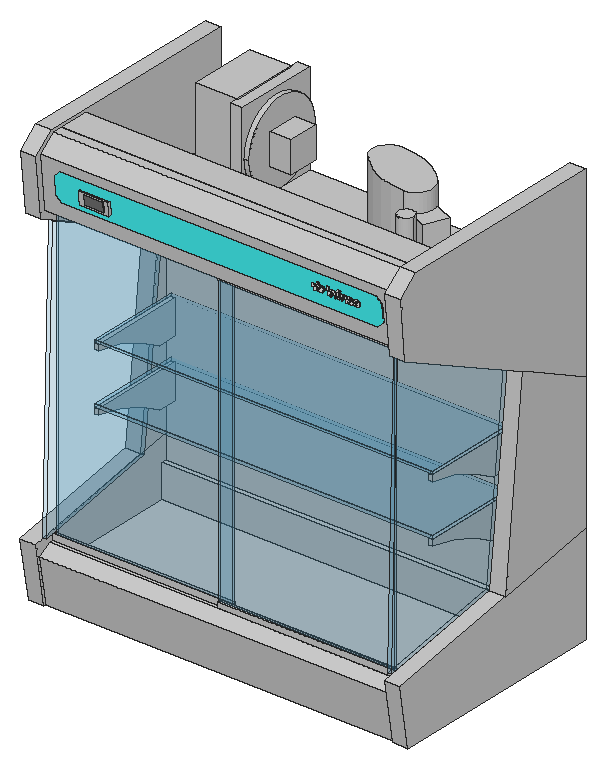
Revit family "QF_INFRICO_VMS1000I_250815021426", category Specialty Equipment, Revit 2021
Family settings
  Round Connector Dimension = Use Diameter
  Part Type = Normal
  OmniClass Number = 23.40.40.14
  OmniClass Title = Food Service Equipment
  Work Plane-Based = No
  Always vertical = Yes
  Cut with Voids When Loaded = No
  Shared = No
  Room Calculation Point = No
Parameters (values of type "VMS1000I")
  Weight [instance] = 97.0007 kg
  Warranty Start Date [instance] = ""
  Warranty Duration [instance] = ""
  Volts [instance] = 230 V
  Volt Free Conn [instance] = no
  URL Recommended Spares List [instance] = ""
  URL Manufacturer [instance] = ""
  URL Cutsheet [instance] = ""
  URL Critical Spares List [instance] = ""
  URL = "www.infrico.com"
  Technical Documentation [instance] = ""
  Tag Number [instance] = ""
  Status [instance] = ""
  Start Up Current [instance] = 0 A
  Specification by User [instance] = ""
  Specification by Manufacturer [instance] = ""
  Sound Level [instance] = ""
  Show Logo [instance] = yes
  Show Clearances [instance] = yes
  Service Life Duration [instance] = ""
  Serial Number [instance] = ""
  Seismic Rating [instance] = ""
  SMACNA No [instance] = ""
  Revision Code [instance] = ""
  Revision [instance] = ""
  Production Year [instance] = ""
  Potential Equalisation [instance] = no
  Point Load [instance] = 0
  Phase [instance] = 1
  Other Equipment Approvals [instance] = ""
  Operational Current [instance] = 0 A
  Number of Poles [instance] = 2
  No Load Power Draw [instance] = no
  NAFEM Spec ID Number [instance] = ""
  Model Warning [instance] = ""
  Model = "VMS1000I"
  Min Ckt Ampacity [instance] = 0 A
  Max Overcurrent Protection [instance] = 0 A
  Masterspec [instance] = ""
  Manufacturer = "INFRICO"
  Main switch integrated [instance] = no
  Length Actual [instance] = 986.028 mm
  Item Number [instance] = ""
  Installed By [instance] = ""
  Installation Date [instance] = ""
  Identify Quantity as Lot [instance] = no
  ID [instance] = ""
  Hygiene Approval [instance] = ""
  Height Actual [instance] = 1109.98 mm
  HP power [instance] = ""
  Furnished By [instance] = ""
  Foodservice Equipment Identifier [instance] = no
  FL Amps [instance] = 0 A
  Electrical Remarks [instance] = ""
  Electric power [instance] = 480 W
  Electric Connection Type [instance] = ""
  Elec Conn RI Height [instance] = 0 mm
  Elec Conn Connection Height [instance] = 0 mm
  ETL Approved [instance] = no
  Description = "WALL DISPLAY CASES - VMS SERIES - R134A"
  Depth Actual [instance] = 601.98 mm
  Default Elevation = 0 mm
  Cycle [instance] = 50 Hz
  Cost = 0
  Connection to energy optimisation system [instance] = yes
  Conn Plug [instance] = ""
  Conn Conduit [instance] = no
  Centralized building control system with digital interface [instance] = ""
  CSI MasterFormat [instance] = ""
  CE Approved [instance] = no
  Barcode [instance] = 0
  Author [instance] = ""
  Asset Identifier [instance] = ""
  Apparent Power [instance] = 480 VA
  Accessory [instance] = no
Reference planes
  plane 1 "Center (Front/Back)": y = 0
  plane 2: z = 0
  plane 3 "Center (Left/Right)": x = 0
Forms (mm)
  Extrusion 1, solid, not visible
    sketch origin (896.044, -46.002, 68.003) x (1, 0, 0) y (0, 1, 0)
      loop
        line (-2, 2) -> (-2, -2) -> (2, -2) -> (2, 2) -> (-2, 2)
    from -2 to 2
Dimensions and locks
  locked: nested 2 to Extrusion 1 at 2  (x2)
  aligned and locked: level to plane 2
Nested families
  nested 1: "QF_INFRICO_VMS1000I_2920" at (0, 0, 0), type "VMS1000I"
    with Weight 97.0007 kg, Warranty Start Date "", Warranty Duration "", URL Cutsheet "", Technical Documentation "", Tag Number "", Status "", Specification by User "", Specification by Manufacturer "", Sound Level "", Solid Fuel Type "", Show Logo yes, Show Clearances yes, Show Clearance yes, Service Life Duration "", Serial Number "", Seismic Rating "", SMACNA No "", Revision Code "", Revision "", Production Year "", Point Load 0, Other Equipment Approvals "", NAFEM Spec ID Number "", Model Warning "", Masterspec "", Length Actual 986.028 mm, Item Number "", Installed By "", Installation Date "", Identify Quantity as Lot yes, ID "", Hygiene Approval "", Height Actual 1109.98 mm, Furnished By "", Foodservice Equipment Identifier yes, ETL Approved yes, Depth Actual 601.98 mm, CSI MasterFormat "", CE Approved no, Barcode "", Author "", Asset Identifier "", Accessory no
  nested 2: "CONN_POINT_ELE_2D___Generic_Annotation" at (896.044, -46.002, 66.003), type "CONN_POINT_ELE_2D___Generic_Annotation"
    with Onboard connection annotation symbol visibility yes
Connectors
  electrical at (896.044, -46.002, 66.003), driven by "Apparent Power", driven by "Number of Poles", driven by "Volts"
    settings: on Extrusion 1, index 1, voltage 230 V, apparent load 0 VA, apparent load phase1 480 VA, apparent load phase2 0 VA, apparent load phase3 0 VA, power factor 1, load classification "Other", number of poles 2, system type 31, power factor state 1, is connector primary yes, connector utility no, sub classification motor no, connector description "Electrical connection for VMS1000I"
Definition of nested family "QF_INFRICO_VMS1000I_2920"
  Parameters (values of type "VMS1000I")
    Weight [instance] = 0.00 kg
    Warranty Start Date [instance] = ""
    Warranty Duration [instance] = ""
    URL Cutsheet [instance] = ""
    URL = "www.jestic.co.uk"
    Technical Documentation [instance] = ""
    Tag Number [instance] = ""
    Status [instance] = ""
    Specification by User [instance] = ""
    Specification by Manufacturer [instance] = ""
    Sound Level [instance] = ""
    Solid Fuel Type [instance] = ""
    Show Logo [instance] = yes
    Show Clearances [instance] = yes
    Show Clearance [instance] = yes
    Service Life Duration [instance] = ""
    Serial Number [instance] = ""
    Seismic Rating [instance] = ""
    SMACNA No [instance] = ""
    Revision Code [instance] = ""
    Revision [instance] = ""
    Production Year [instance] = ""
    Point Load [instance] = 0
    Other Equipment Approvals [instance] = ""
    NAFEM Spec ID Number [instance] = ""
    Model Warning [instance] = ""
    Model = "VMS1000I"
    Masterspec [instance] = ""
    Manufacturer = "INFRICO"
    Length Actual [instance] = 0 mm
    Item Number [instance] = ""
    Installed By [instance] = ""
    Installation Date [instance] = ""
    Identify Quantity as Lot [instance] = yes
    ID [instance] = ""
    Hygiene Approval [instance] = ""
    Height Actual [instance] = 0 mm
    Furnished By [instance] = ""
    Foodservice Equipment Identifier [instance] = yes
    ETL Approved [instance] = yes
    Description = "WALL DISPLAY CASES - VMS SERIES - R134A"
    Depth Actual [instance] = 0 mm
    Default Elevation = 0 mm
    CSI MasterFormat [instance] = ""
    CE Approved [instance] = yes
    Barcode [instance] = ""
    Author [instance] = ""
    Asset Identifier [instance] = ""
    Assembly Code = "E1090320"
    Accessory [instance] = yes
  Reference planes
    plane 1 "Back": y = 0
    plane 2: z = 0
    plane 3 "Left": x = 0
    plane 4 "Right": x = 986
    plane 5 "Front": y = -601.968
    plane 6 "Top": z = 1110
  Forms (mm)
    Extrusion 1, solid
      sketch origin (0, 0, 0) x (0, 1, 0) y (0, 0, 1)
        loop
          line (0, 1110) -> (-550, 1110) -> (-600, 1070) -> (-585, 920) -> (0, 628) -> (0, 1110)
      from 0 to 40
    Extrusion 2, solid
      sketch origin (0, 0, 0) x (0, 1, 0) y (0, 0, 1)
        loop
          line (-203, 729.326) -> (-258.935, 229.911) -> (0, 275.331) -> (0, 628) -> (-203, 729.326)
      from 0 to 40
    Extrusion 3, solid
      sketch origin (946, 0, 0) x (0, 1, 0) y (0, 0, 1)
        loop
          line (0, 1110) -> (-550, 1110) -> (-600, 1070) -> (-585, 920) -> (0, 628) -> (0, 1110)
      from 0 to 40
    Extrusion 4, solid
      sketch origin (946, 0, 0) x (0, 1, 0) y (0, 0, 1)
        loop
          line (-203, 729.326) -> (-258.935, 229.911) -> (0, 275.331) -> (0, 628) -> (-203, 729.326)
      from 0 to 40
    Extrusion 5, solid
      sketch origin (0, 0.742, 0) x (0, 1, 0) y (0, 0, 1)
        loop
          line (-538.742, 16) -> (-538.742, 156) -> (-558.742, 156) -> (-591.695, 136.598) -> (-570.742, 16) -> (-538.742, 16)
      from 40 to 963
    Revolve 6, solid
      sketch origin (60, -117, 0) x (0, 1, 0) y (0, 0, 1)
        loop
          line (0, 0) -> (20, 0)
          arc (20, 0) -> (23.536, 1.464) -> (25, 5) r 5
          line (25, 5) -> (25, 10) -> (15, 10) -> (15, 15) -> (7, 15) -> (7, 16) -> (0, 16) -> (0, 0)
        axis (0, 0) -> (0, 16)
      angle from 0 to 360
    Revolve 7, solid
      sketch origin (60, -477, 0) x (0, 1, 0) y (0, 0, 1)
        loop
          line (0, 0) -> (20, 0)
          arc (20, 0) -> (23.536, 1.464) -> (25, 5) r 5
          line (25, 5) -> (25, 10) -> (15, 10) -> (15, 15) -> (7, 15) -> (7, 16) -> (0, 16) -> (0, 0)
        axis (0, 0) -> (0, 16)
      angle from 0 to 360
    Revolve 8, solid
      sketch origin (933, -117, 0) x (0, 1, 0) y (0, 0, 1)
        loop
          line (0, 0) -> (20, 0)
          arc (20, 0) -> (23.536, 1.464) -> (25, 5) r 5
          line (25, 5) -> (25, 10) -> (15, 10) -> (15, 15) -> (7, 15) -> (7, 16) -> (0, 16) -> (0, 0)
        axis (0, 0) -> (0, 16)
      angle from 0 to 360
    Revolve 9, solid
      sketch origin (933, -477, 0) x (0, 1, 0) y (0, 0, 1)
        loop
          line (0, 0) -> (20, 0)
          arc (20, 0) -> (23.536, 1.464) -> (25, 5) r 5
          line (25, 5) -> (25, 10) -> (15, 10) -> (15, 15) -> (7, 15) -> (7, 16) -> (0, 16) -> (0, 0)
        axis (0, 0) -> (0, 16)
      angle from 0 to 360
    Extrusion 10, solid
      sketch origin (-10, -40, 0) x (1, 0, 0) y (0, 0, 1)
        loop
          line (932.5, 16) -> (953.5, 16)
          arc (953.5, 16) -> (955.268, 16.732) -> (956, 18.5) r 2.5
          line (956, 18.5) -> (956, 63.5)
          arc (956, 63.5) -> (955.268, 65.268) -> (953.5, 66) r 2.5
          line (953.5, 66) -> (932.5, 66)
          arc (932.5, 66) -> (930.732, 65.268) -> (930, 63.5) r 2.5
          line (930, 63.5) -> (930, 18.5)
          arc (930, 18.5) -> (930.732, 16.732) -> (932.5, 16) r 2.5
      from 0 to 500
    Extrusion 11, solid
      sketch origin (-883, -40, 0) x (1, 0, 0) y (0, 0, 1)
        loop
          line (932.5, 16) -> (953.5, 16)
          arc (953.5, 16) -> (955.268, 16.732) -> (956, 18.5) r 2.5
          line (956, 18.5) -> (956, 63.5)
          arc (956, 63.5) -> (955.268, 65.268) -> (953.5, 66) r 2.5
          line (953.5, 66) -> (932.5, 66)
          arc (932.5, 66) -> (930.732, 65.268) -> (930, 63.5) r 2.5
          line (930, 63.5) -> (930, 18.5)
          arc (930, 18.5) -> (930.732, 16.732) -> (932.5, 16) r 2.5
      from 0 to 500
    Extrusion 12, solid
      sketch origin (0, 0, 0) x (0, 1, 0) y (0, 0, 1)
        loop
          line (0, 275.331) -> (-601.968, 169.737) -> (-575, 16) -> (0, 16) -> (0, 275.331)
      from 0 to 40
    Extrusion 13, solid
      sketch origin (0, 0, 0) x (0, 1, 0) y (0, 0, 1)
        loop
          line (-40, 66) -> (-40, 106) -> (-138, 106) -> (-138, 66) -> (-40, 66)
      from 47 to 963
    Extrusion 14, solid
      sketch origin (46, 0, 0) x (0, 1, 0) y (0, 0, 1)
        loop
          line (-540, 66) -> (-165, 66) -> (-165, 152) -> (-18, 152) -> (-18, 855) -> (-219, 855) -> (-441, 1029) -> (-520, 1029) -> (-520, 999) -> (-451.356, 999) -> (-229.356, 825) -> (-48, 825) -> (-48, 182) -> (-195, 182) -> (-195, 96) -> (-540, 96) -> (-540, 66)
      from -6 to 900
    Extrusion 15, solid
      sketch origin (40, 0, 0) x (0, 1, 0) y (0, 0, 1)
        loop
          line (-203, 729.326) -> (-558, 906.523) -> (-579.202, 173.731) -> (-258.935, 229.911) -> (-203, 729.326)
      from 0 to 10
    Extrusion 16, solid
      sketch origin (936, 0, 0) x (0, 1, 0) y (0, 0, 1)
        loop
          line (-203, 729.326) -> (-558, 906.523) -> (-579.202, 173.731) -> (-258.935, 229.911) -> (-203, 729.326)
      from 0 to 10
    Extrusion 17, solid
      sketch origin (0, 114.841, 59.047) x (0, 1, 0) y (0, 0, 1)
        loop
          line (-655.841, 875.953) -> (-655.841, 872.953) -> (-654.841, 872.953) -> (-654.841, 868.953) -> (-660.841, 868.953) -> (-660.841, 872.953) -> (-659.841, 872.953) -> (-659.841, 875.953) -> (-662.841, 875.953) -> (-662.841, 859.953) -> (-660.841, 859.953) -> (-660.841, 865.953) -> (-654.841, 865.953) -> (-654.841, 859.953) -> (-652.841, 859.953) -> (-652.841, 875.953) -> (-655.841, 875.953)
      from 40 to 507
    Extrusion 18, solid
      sketch origin (686, 104.841, 59.047) x (0, 1, 0) y (0, 0, 1)
        loop
          line (-655.841, 875.953) -> (-655.841, 872.953) -> (-654.841, 872.953) -> (-654.841, 868.953) -> (-660.841, 868.953) -> (-660.841, 872.953) -> (-659.841, 872.953) -> (-659.841, 875.953) -> (-662.841, 875.953) -> (-662.841, 859.953) -> (-660.841, 859.953) -> (-660.841, 865.953) -> (-654.841, 865.953) -> (-654.841, 859.953) -> (-652.841, 859.953) -> (-652.841, 875.953) -> (-655.841, 875.953)
      from -207 to 260
    Extrusion 19, solid
      sketch origin (0, 0, 0) x (0, 1, 0) y (0, 0, 1)
        loop
          line (-540, 925) -> (-546, 925) -> (-546, 166) -> (-540, 166) -> (-540, 925)
      from 50 to 507
    Extrusion 20, solid
      sketch origin (429, -10, 0) x (0, 1, 0) y (0, 0, 1)
        loop
          line (-540, 925) -> (-546, 925) -> (-546, 166) -> (-540, 166) -> (-540, 925)
      from 50 to 507
    Extrusion 21, solid
      sketch origin (439, -1210.841, 1031.953) x (0, -1, 0) y (0, 0, -1)
        loop
          line (-655.841, 875.953) -> (-655.841, 872.953) -> (-654.841, 872.953) -> (-654.841, 868.953) -> (-660.841, 868.953) -> (-660.841, 872.953) -> (-659.841, 872.953) -> (-659.841, 875.953) -> (-662.841, 875.953) -> (-662.841, 859.953) -> (-660.841, 859.953) -> (-660.841, 865.953) -> (-654.841, 865.953) -> (-654.841, 859.953) -> (-652.841, 859.953) -> (-652.841, 875.953) -> (-655.841, 875.953)
      from 40 to 507
    Extrusion 22, solid
      sketch origin (247, -1200.841, 1031.953) x (0, -1, 0) y (0, 0, -1)
        loop
          line (-655.841, 875.953) -> (-655.841, 872.953) -> (-654.841, 872.953) -> (-654.841, 868.953) -> (-660.841, 868.953) -> (-660.841, 872.953) -> (-659.841, 872.953) -> (-659.841, 875.953) -> (-662.841, 875.953) -> (-662.841, 859.953) -> (-660.841, 859.953) -> (-660.841, 865.953) -> (-654.841, 865.953) -> (-654.841, 859.953) -> (-652.841, 859.953) -> (-652.841, 875.953) -> (-655.841, 875.953)
      from -207 to 260
    Extrusion 23, solid
      sketch origin (55, 557.372, 0) x (0, 1, 0) y (0, 0, 1)
        loop
          line (-737.372, 417.222) -> (-985.327, 417.222) -> (-985.327, 402.919)
          arc (-985.327, 402.919) -> (-882.245, 375.804) -> (-787.372, 327.222) r 494.358
          line (-787.372, 327.222) -> (-737.372, 327.222) -> (-737.372, 417.222)
      from 0 to 10
    Extrusion 24, solid
      sketch origin (55, 557.372, 150) x (0, 1, 0) y (0, 0, 1)
        loop
          line (-737.372, 417.222) -> (-985.327, 417.222) -> (-985.327, 402.919)
          arc (-985.327, 402.919) -> (-882.245, 375.804) -> (-787.372, 327.222) r 494.358
          line (-787.372, 327.222) -> (-737.372, 327.222) -> (-737.372, 417.222)
      from 0 to 10
    Extrusion 25, solid
      sketch origin (921, 557.372, 0) x (0, 1, 0) y (0, 0, 1)
        loop
          line (-737.372, 417.222) -> (-985.327, 417.222) -> (-985.327, 402.919)
          arc (-985.327, 402.919) -> (-882.245, 375.804) -> (-787.372, 327.222) r 494.358
          line (-787.372, 327.222) -> (-737.372, 327.222) -> (-737.372, 417.222)
      from 0 to 10
    Extrusion 26, solid
      sketch origin (921, 557.372, 150) x (0, 1, 0) y (0, 0, 1)
        loop
          line (-737.372, 417.222) -> (-985.327, 417.222) -> (-985.327, 402.919)
          arc (-985.327, 402.919) -> (-882.245, 375.804) -> (-787.372, 327.222) r 494.358
          line (-787.372, 327.222) -> (-737.372, 327.222) -> (-737.372, 417.222)
      from 0 to 10
    Extrusion 27, solid
      sketch origin (55, -132, 0) x (0, 1, 0) y (0, 0, 1)
        loop
          line (-48, 567.222) -> (-48, 575.222) -> (-295.955, 575.222) -> (-295.955, 567.222) -> (-48, 567.222)
      from 0 to 876
    Extrusion 28, solid
      sketch origin (55, -132, -150) x (0, 1, 0) y (0, 0, 1)
        loop
          line (-48, 567.222) -> (-48, 575.222) -> (-295.955, 575.222) -> (-295.955, 567.222) -> (-48, 567.222)
      from 0 to 876
    Extrusion 29, solid
      sketch origin (0, 0, 0) x (0, 1, 0) y (0, 0, 1)
        loop
          line (-180, 182) -> (-178, 182) -> (-178, 825) -> (-180, 825) -> (-180, 182)
      from 40 to 946
    Extrusion 30, solid
      sketch origin (0, 0, 0) x (0, 1, 0) y (0, 0, 1)
        loop
          line (-520, 935) -> (-520, 1105) -> (-545.243, 1105) -> (-587.703, 1071.032) -> (-574.1, 935) -> (-520, 935)
      from 40 to 946
    Extrusion 31, solid
      sketch origin (0, -465.314, -133.769) x (1, 0, 0) y (0, -0.099504, 0.995037)
        loop
          line (90, 1110) -> (910, 1110) -> (925, 1125) -> (925, 1171) -> (910, 1186) -> (90, 1186) -> (75, 1171) -> (75, 1125) -> (90, 1110)
      from 0 to 2
    Extrusion 32, solid
      sketch origin (-210.746, -1586.386, 857) x (1, 0, 0) y (0, 1, 0)
        loop
          arc (734.569, 1457.404) -> (800.783, 1406.315) -> (882.589, 1388.933) r 188.336
          arc (882.589, 1388.933) -> (920.923, 1414.029) -> (914.569, 1459.404) r 42.779
          arc (914.569, 1459.404) -> (848.552, 1509.581) -> (767.569, 1527.404) r 192.89
          arc (767.569, 1527.404) -> (728.875, 1502.867) -> (734.569, 1457.404) r 42.779
      from 0 to 180
    Extrusion 33, solid
      sketch origin (0, 0, 0) x (0, 1, 0) y (0, 0, 1)
        loop
          line (-520, 1105) -> (-520, 1103) -> (-443, 1103) -> (-443, 1029) -> (-441, 1029) -> (-441, 1105) -> (-520, 1105)
      from 40 to 946
    Extrusion 34, solid
      sketch origin (0, 0, 912) x (1, 0, 0) y (0, 1, 0)
        loop
          line (686.595, -194.601) -> (697.779, -199.676) -> (739.411, -218.569) -> (764.205, -163.931) -> (722.574, -145.039) -> (711.389, -139.963)
          arc (711.389, -139.963) -> (710.177, -172.358) -> (686.595, -194.601) r 42.779
      from 0 to 78
    Extrusion 35, solid
      sketch origin (0, 0, 912) x (1, 0, 0) y (0, 1, 0)
        loop
          circle (697.672, -221.587) r 20
      from 0 to 90
    Extrusion 36, solid
      sketch origin (0, 29.305, 857) x (1, 0, 0) y (0, 1, 0)
        loop
          line (131.558, -50.305) -> (131.558, -226.305) -> (239.558, -226.305) -> (239.558, -50.305) -> (131.558, -50.305)
      from 0 to 240
    Extrusion 37, solid
      sketch origin (0, 29.305, 857) x (1, 0, 0) y (0, 1, 0)
        loop
          line (239.558, -29.305) -> (239.558, -247.305) -> (269.558, -247.305) -> (269.558, -29.305) -> (239.558, -29.305)
      from 0 to 240
    Extrusion 38, solid
      sketch origin (269.558, -529.434, -522.435) x (0, 1, 0) y (0, 0, 1)
        loop
          circle (420.434, 1499.435) r 106
      from 0 to 15
    Extrusion 39, solid
      sketch origin (284.558, -109.799, -234.952) x (0, 1, 0) y (0, 0, 1)
        loop
          line (41.299, 1252.452) -> (-39.701, 1252.452) -> (-39.701, 1171.452) -> (41.299, 1171.452) -> (41.299, 1252.452)
      from 0 to 57
    Extrusion 40, solid
      sketch origin (0, 0, 0) x (0, 1, 0) y (0, 0, 1)
        loop
          line (-219, 855) -> (-2, 855) -> (-2, 847) -> (0, 847) -> (0, 857) -> (-219, 857) -> (-219, 855)
      from 131.558 to 724
    Extrusion 41, solid, visible <- "Show Logo"
      sketch origin (-422.72, -509.418, 307.245) x (1, 0, 0) y (0, -0.099504, 0.995037)
        loop
          line (1208.799, 696.53) -> (1208.799, 719.204) -> (1204.173, 719.204) -> (1204.173, 696.53) -> (1208.799, 696.53)
        loop
          line (1214.779, 713.006) -> (1211.283, 713.006) -> (1211.283, 696.53) -> (1215.772, 696.53) -> (1215.772, 707.832)
          arc (1215.772, 707.832) -> (1217.528, 708.741) -> (1219.417, 709.324) r 11.052
          arc (1219.417, 709.324) -> (1220.929, 708.961) -> (1221.598, 707.557) r 1.806
          line (1221.598, 707.557) -> (1221.598, 696.53) -> (1226.121, 696.53) -> (1226.121, 708.689)
          arc (1226.121, 708.689) -> (1224.637, 712.075) -> (1221.141, 713.281) r 4.607
          arc (1221.141, 713.281) -> (1218.282, 712.674) -> (1215.669, 711.361) r 11.435
          line (1215.669, 711.361) -> (1215.601, 712.184)
          arc (1215.601, 712.184) -> (1215.36, 712.765) -> (1214.779, 713.006) r 0.822
        loop
          line (1238.557, 720.102) -> (1237.306, 720.102)
          arc (1237.306, 720.102) -> (1235.052, 719.926) -> (1232.881, 719.297) r 11.103
          arc (1232.881, 719.297) -> (1230.805, 717.616) -> (1230.024, 715.062) r 4.567
          line (1230.024, 715.062) -> (1230.024, 712.909) -> (1227.351, 712.703) -> (1227.351, 709.374) -> (1230.024, 709.374) -> (1230.024, 696.53) -> (1234.547, 696.53) -> (1234.547, 709.374) -> (1238.249, 709.374) -> (1238.249, 712.938) -> (1234.547, 712.938) -> (1234.547, 714.548)
          arc (1234.547, 714.548) -> (1234.956, 715.705) -> (1236.045, 716.271) r 1.67
          line (1236.045, 716.271) -> (1237.7, 716.399)
          arc (1237.7, 716.399) -> (1238.306, 716.65) -> (1238.557, 717.255) r 0.857
          line (1238.557, 717.255) -> (1238.557, 720.102)
        loop
          line (1239.479, 713.006) -> (1239.479, 696.53) -> (1243.968, 696.53) -> (1243.968, 707.352)
          arc (1243.968, 707.352) -> (1245.873, 708.631) -> (1248.077, 709.268) r 7.435
          line (1248.077, 709.268) -> (1249.241, 709.416)
          arc (1249.241, 709.416) -> (1249.643, 709.758) -> (1249.793, 710.265) r 0.928
          line (1249.793, 710.265) -> (1249.793, 712.458)
          arc (1249.793, 712.458) -> (1249.531, 713.061) -> (1248.912, 713.28) r 0.824
          arc (1248.912, 713.28) -> (1246.197, 712.588) -> (1243.899, 710.984) r 7.833
          line (1243.899, 710.984) -> (1243.726, 713.006) -> (1239.479, 713.006)
        loop
          line (1255.495, 696.53) -> (1255.495, 713.006) -> (1251.006, 713.006) -> (1251.006, 696.53) -> (1255.495, 696.53)
        loop
          arc (1257.421, 701.327) -> (1258.567, 698.188) -> (1261.466, 696.525) r 4.873
          arc (1261.466, 696.525) -> (1264.493, 696.266) -> (1267.521, 696.525) r 17.816
          arc (1267.521, 696.525) -> (1270.575, 699.134) -> (1271.505, 703.041) r 6.481
          line (1271.505, 703.041) -> (1267.187, 703.041) -> (1267.187, 701.67)
          arc (1267.187, 701.67) -> (1266.64, 700.452) -> (1265.442, 699.865) r 1.965
          arc (1265.442, 699.865) -> (1264.547, 699.816) -> (1263.653, 699.865) r 8.196
          arc (1263.653, 699.865) -> (1262.417, 700.415) -> (1261.91, 701.67) r 1.806
          line (1261.91, 701.67) -> (1261.91, 707.9)
          arc (1261.91, 707.9) -> (1262.417, 709.155) -> (1263.653, 709.705) r 1.806
          arc (1263.653, 709.705) -> (1264.547, 709.754) -> (1265.442, 709.705) r 8.196
          arc (1265.442, 709.705) -> (1266.64, 709.118) -> (1267.187, 707.9) r 1.965
          line (1267.187, 707.9) -> (1267.187, 706.838) -> (1271.505, 706.838)
          arc (1271.505, 706.838) -> (1270.524, 710.556) -> (1267.521, 712.959) r 6.132
          arc (1267.521, 712.959) -> (1264.493, 713.294) -> (1261.466, 712.959) r 13.851
          arc (1261.466, 712.959) -> (1258.571, 711.349) -> (1257.421, 708.243) r 4.772
          line (1257.421, 708.243) -> (1257.421, 701.327)
        loop
          arc (1272.916, 701.329) -> (1273.993, 698.345) -> (1276.726, 696.734) r 4.676
          arc (1276.726, 696.734) -> (1278.515, 696.455) -> (1280.318, 696.291) r 28.371
          arc (1280.318, 696.291) -> (1282.122, 696.455) -> (1283.911, 696.734) r 28.371
          arc (1283.911, 696.734) -> (1286.644, 698.345) -> (1287.72, 701.329) r 4.676
          line (1287.72, 701.329) -> (1287.72, 708.242)
          arc (1287.72, 708.242) -> (1286.644, 711.226) -> (1283.911, 712.837) r 4.676
          arc (1283.911, 712.837) -> (1282.122, 713.116) -> (1280.318, 713.28) r 28.371
          arc (1280.318, 713.28) -> (1278.515, 713.116) -> (1276.726, 712.837) r 28.371
          arc (1276.726, 712.837) -> (1273.993, 711.226) -> (1272.916, 708.242) r 4.676
          line (1272.916, 708.242) -> (1272.916, 701.329)
        loop
          line (1277.405, 707.866) -> (1277.405, 701.705)
          arc (1277.405, 701.705) -> (1277.844, 700.556) -> (1278.936, 699.991) r 1.725
          arc (1278.936, 699.991) -> (1279.627, 699.918) -> (1280.318, 699.856) r 46.133
          arc (1280.318, 699.856) -> (1281.01, 699.918) -> (1281.701, 699.991) r 46.133
          arc (1281.701, 699.991) -> (1282.793, 700.556) -> (1283.231, 701.705) r 1.725
          line (1283.231, 701.705) -> (1283.231, 707.866)
          arc (1283.231, 707.866) -> (1282.793, 709.015) -> (1281.701, 709.58) r 1.725
          arc (1281.701, 709.58) -> (1281.01, 709.653) -> (1280.318, 709.716) r 46.133
          arc (1280.318, 709.716) -> (1279.627, 709.653) -> (1278.936, 709.58) r 46.133
          arc (1278.936, 709.58) -> (1277.844, 709.015) -> (1277.405, 707.866) r 1.725
        loop
          arc (1190.339, 696.543) -> (1191.411, 696.987) -> (1191.856, 698.059) r 1.516
          line (1191.856, 698.059) -> (1191.856, 703.891) -> (1196.035, 703.891)
          arc (1196.035, 703.891) -> (1196.79, 704.121) -> (1197.218, 704.782) r 1.147
          line (1197.218, 704.782) -> (1197.218, 706.211)
          arc (1197.218, 706.211) -> (1196.787, 707.258) -> (1195.719, 707.634) r 1.385
          line (1195.719, 707.634) -> (1194.52, 707.634) -> (1197.218, 710.332)
          arc (1197.218, 710.332) -> (1197.605, 711.266) -> (1197.218, 712.2) r 1.321
          line (1197.218, 712.2) -> (1196.495, 712.923)
          arc (1196.495, 712.923) -> (1195.54, 713.338) -> (1194.558, 712.991) r 1.422
          line (1194.558, 712.991) -> (1191.853, 710.286) -> (1191.853, 711.479)
          arc (1191.853, 711.479) -> (1191.443, 712.516) -> (1190.435, 712.992) r 1.516
          line (1190.435, 712.992) -> (1189.514, 712.992)
          arc (1189.514, 712.992) -> (1188.511, 712.514) -> (1188.103, 711.479) r 1.516
          line (1188.103, 711.479) -> (1188.103, 706.83) -> (1182.073, 701.336) -> (1182.073, 707.509) -> (1185.639, 711.075)
          arc (1185.639, 711.075) -> (1186.053, 712.073) -> (1185.639, 713.071) r 1.412
          line (1185.639, 713.071) -> (1184.987, 713.723)
          arc (1184.987, 713.723) -> (1183.939, 714.141) -> (1182.915, 713.667) r 1.428
          line (1182.915, 713.667) -> (1182.073, 712.825) -> (1182.073, 717.784)
          arc (1182.073, 717.784) -> (1181.658, 718.787) -> (1180.655, 719.203) r 1.418
          line (1180.655, 719.203) -> (1179.726, 719.203)
          arc (1179.726, 719.203) -> (1178.723, 718.787) -> (1178.308, 717.784) r 1.418
          line (1178.308, 717.784) -> (1178.308, 712.825) -> (1177.466, 713.667)
          arc (1177.466, 713.667) -> (1176.442, 714.141) -> (1175.394, 713.723) r 1.428
          line (1175.394, 713.723) -> (1174.742, 713.071)
          arc (1174.742, 713.071) -> (1174.328, 712.073) -> (1174.742, 711.075) r 1.412
          line (1174.742, 711.075) -> (1178.308, 707.509) -> (1178.308, 701.336) -> (1172.278, 706.83) -> (1172.278, 711.479)
          arc (1172.278, 711.479) -> (1171.87, 712.514) -> (1170.867, 712.992) r 1.516
          line (1170.867, 712.992) -> (1169.946, 712.992)
          arc (1169.946, 712.992) -> (1168.938, 712.516) -> (1168.528, 711.479) r 1.516
          line (1168.528, 711.479) -> (1168.528, 710.286) -> (1165.823, 712.991)
          arc (1165.823, 712.991) -> (1164.841, 713.338) -> (1163.886, 712.923) r 1.422
          line (1163.886, 712.923) -> (1163.163, 712.2)
          arc (1163.163, 712.2) -> (1162.776, 711.266) -> (1163.163, 710.332) r 1.321
          line (1163.163, 710.332) -> (1165.861, 707.634) -> (1164.662, 707.634)
          arc (1164.662, 707.634) -> (1163.594, 707.258) -> (1163.163, 706.211) r 1.385
          line (1163.163, 706.211) -> (1163.163, 704.782)
          arc (1163.163, 704.782) -> (1163.591, 704.121) -> (1164.346, 703.891) r 1.147
          line (1164.346, 703.891) -> (1168.525, 703.891) -> (1168.525, 698.059)
          arc (1168.525, 698.059) -> (1168.969, 696.987) -> (1170.042, 696.543) r 1.516
          line (1170.042, 696.543) -> (1190.339, 696.543)
      from 0 to 2
    Extrusion 42, solid
      sketch origin (946, 0, 0) x (0, 1, 0) y (0, 0, 1)
        loop
          line (0, 275.331) -> (-601.968, 169.737) -> (-575, 16) -> (0, 16) -> (0, 275.331)
      from 0 to 40
    Extrusion 43, solid
      sketch origin (-1058.751, -519.657, 389.56) x (1, 0, 0) y (0, -0.099504, 0.995037)
        loop
          arc (1199.261, 600.555) -> (1237.261, 599.555) -> (1275.261, 600.555) r 722.5
          arc (1275.261, 600.555) -> (1276.261, 617.555) -> (1275.261, 634.555) r 145
          arc (1275.261, 634.555) -> (1237.261, 635.555) -> (1199.261, 634.555) r 722.5
          arc (1199.261, 634.555) -> (1198.261, 617.555) -> (1199.261, 600.555) r 145
      from 0 to 5
    Extrusion 44, solid
      sketch origin (-1058.751, -522.741, 389.252) x (1, 0, 0) y (0, -0.099504, 0.995037)
        loop
          line (1212.261, 629.555) -> (1212.261, 605.555) -> (1262.261, 605.555) -> (1262.261, 629.555) -> (1212.261, 629.555)
      from 0 to 2
  Lines and regions (mm)
    symbolic lines
      curve 1: line (0, 0, 0) -> (40, 0, 0)
      curve 2: line (40, 0, 0) -> (40, -18, 0)
      curve 3: line (40, -18, 0) -> (131.558, -18, 0)
      curve 4: line (131.558, -18, 0) -> (131.558, 0, 0)
      curve 5: line (131.558, 0, 0) -> (724, 0, 0)
      curve 6: line (724, 0, 0) -> (724, -18, 0)
      curve 7: line (724, -18, 0) -> (946, -18, 0)
      curve 8: line (946, -18, 0) -> (946, 0, 0)
      curve 9: line (946, 0, 0) -> (986, 0, 0)
      curve 10: line (986, 0, 0) -> (986, -601.968, 0)
      curve 11: line (986, -601.968, 0) -> (946, -601.968, 0)
      curve 12: line (946, -601.968, 0) -> (946, -590.953, 0)
      curve 13: line (946, -590.953, 0) -> (40, -590.953, 0)
      curve 14: line (40, -590.953, 0) -> (40, -601.968, 0)
      curve 15: line (40, -601.968, 0) -> (0, -601.968, 0)
      curve 16: line (0, -601.968, 0) -> (0, 0, 0)
      curve 17: arc (523.823, -128.982, 0) -> (590.037, -180.071, 0) -> (671.843, -197.454, 0) r 188.336
      curve 18: arc (556.823, -58.982, 0) -> (518.128, -83.519, 0) -> (523.823, -128.982, 0) r 42.779
      curve 19: arc (703.823, -126.982, 0) -> (637.806, -76.805, 0) -> (556.823, -58.982, 0) r 192.89
      curve 20: arc (671.843, -197.454, 0) -> (710.177, -172.358, 0) -> (703.823, -126.982, 0) r 42.779
      curve 21: circle (697.672, -221.587, 0) r 20 normal (0, 0, 1)
      curve 22: line (739.411, -218.569, 0) -> (764.205, -163.931, 0)
      curve 23: line (686.595, -194.601, 0) -> (739.411, -218.569, 0)
      curve 24: line (764.205, -163.931, 0) -> (711.389, -139.963, 0)
      curve 25: line (724, -145.686, 0) -> (724, -18, 0)
      curve 26: line (131.558, -21, 0) -> (131.558, -219, 0)
      curve 27: line (40, -219, 0) -> (677.84, -219, 0)
      curve 28: line (717.504, -219, 0) -> (946, -219, 0)
      curve 29: line (341.558, -149.5, 0) -> (341.558, -68.5, 0)
      curve 30: line (284.558, -149.5, 0) -> (341.558, -149.5, 0)
      curve 31: line (341.558, -68.5, 0) -> (284.558, -68.5, 0)
      curve 32: line (284.558, -219, 0) -> (284.558, 0, 0)
      curve 33: line (239.558, 0, 0) -> (239.558, -219, 0)
      curve 34: line (239.558, -21, 0) -> (131.558, -21, 0)
      curve 35: line (131.558, -197, 0) -> (239.558, -197, 0)
      curve 36: line (946, -441, 0) -> (40, -441, 0)
      curve 37: line (40, -520, 0) -> (946, -520, 0)
      curve 38: line (946, -545, 0) -> (40, -545, 0)
      curve 39: line (40, -590.953, 0) -> (40, -18, 0)
      curve 40: line (946, -18, 0) -> (946, -590.953, 0)
  Dimensions and locks
    plane 1 "Back" to plane 5 "Front" = 601.968 mm  (x2)
    plane 3 "Left" to plane 4 "Right" = 986 mm
    plane 6 "Top" to level = 1110 mm  (x2)
    plane 4 "Right" to plane 3 "Left" = 986 mm
    aligned and locked: level to plane 2
Definition of nested family "CONN_POINT_ELE_2D___Generic_Annotation"
  Parameters (values of type "CONN_POINT_ELE_2D___Generic_Annotation")
    Onboard connection annotation symbol visibility [instance] = yes
  Reference planes
    plane 1: y = 0
    plane 2: x = 0
  Lines and regions (mm)
    detail lines, visible <- "Onboard connection annotation symbol visibility"
      curve 1: circle (0, 0, 0) r 0.5 normal (0, 0, 1)
      curve 2: line (-1, 0, 0) -> (1, 0, 0)
      curve 3: line (0, 1, 0) -> (0, -1, 0)
      curve 4: line (2.5, 1, 0) -> (1.25, 1, 0)
      curve 5: line (1.25, 1, 0) -> (1.25, -1, 0)
      curve 6: line (1.25, -1, 0) -> (2.5, -1, 0)
      curve 7: line (1.25, 0, 0) -> (2, 0, 0)
